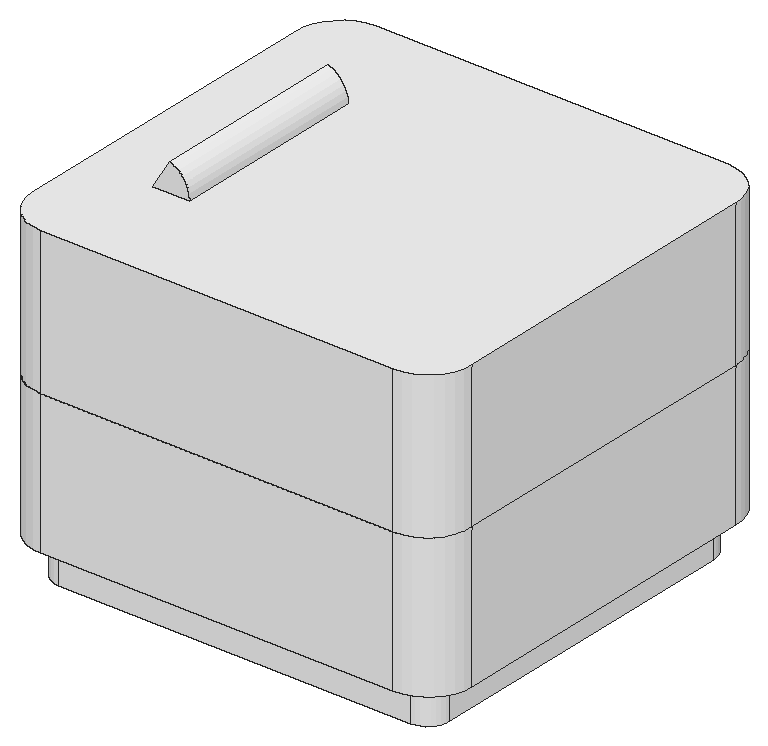
Revit family "Gira_048530", category Electrical Fixtures, host Face, Revit 2017
Family settings
  Host = Face
  Maintain Annotation Orientation = Yes
  Round Connector Dimension = Use Diameter
  Part Type = Normal
  Cut with Voids When Loaded = No
  Shared = No
  Room Calculation Point = No
Parameters (values of type "Steckd. Erdstift KD + SH WG AP Grau")
  Überspannungsschutz = "No"
  Werkstoffgüte = "sonstige"
  Werkstoff = "sonstige"
  Verdrehter Zentraleinsatz = "No"
  URL = "http://katalog.gira.de/de_DE/datenblatt.html?artikelnr=048530"
  Transparent = "No"
  Textfeld/Beschriftungsfläche = "No"
  Sonderstromversorgung = "ohne Sonderstromversorgung"
  Schutzleiterkontakt rund = "Yes"
  Schutzkontakt = "No"
  Region = "DE"
  Oberfläche = "sonstige"
  Nennstrom = "16 Ampere"
  Nennspannung = "250 Volt"
  Name = "Steckd. Erdstift KD + SH WG AP Grau"
  Montageart = "auf Putz"
  Mit erhöhtem Berührungsschutz = "Yes"
  Mit eingebauter USB-Spannungsversorgung = "No"
  Mit Signallampe = "No"
  Mit Orientierungsbeleuchtung = "No"
  Mit Klappdeckel = "Yes"
  Mit Funktionsbeleuchtung = "No"
  Mit Feinsicherung = "No"
  Mit Ein-/Ausschalter = "No"
  Mit Durchschleiffunktion = "No"
  Manufacturer URL = "https://www.gira.de/"
  Keynote = "IP44_Komplettgerät_Steckdose"
  Isolierter Einbau = "No"
  HeinzeBIM = "https://bimportal.heinze.de/bim/steckd-erdstift-kd-sh-wg-ap-grau/458de96fe7b0292eb51f7aa82a1766005b15b62c"
  Halogenfrei = "No"
  HAN = "048530"
  Geeignet für Schutzart (IP) = "IP44"
  GTIN = "4010337485308"
  Für "erschwerte Bedingungen" (nach VDE) = "No"
  Fehlerstromschutz = "No"
  Farbe = "grau"
  Default Elevation = 1219.2 mm
  Data sheet (1) = "https://katalog.gira.de/de_DE/download.html?artikelnr=048530"
  Category = "Steckdose"
  Befestigungsart = "Krallen-/Schraubbefestigung"
  Available = "Yes"
  Auswurfmechanismus = "No"
  Ausführung = "sonstige"
  Aufdruck/Kennzeichnung = "ohne Aufdruck"
  Anzahl der aktiven Kontakte (rund) = "1 "
  Anzahl der Steckdosen schaltbar = "0 "
  Anzahl der Module (bei Modulbauweise) = "1 "
  Anzahl der Einheiten = "1 "
  Antibakterielle Behandlung = "No"
  Anschlussart = "Schraubklemme"
  Abschließbar = "No"
Reference planes
  plane 1 "Center (Front/Back)": y = 0
  plane 2: z = 0
  plane 3 "Center (Left/Right)": x = 0
Forms (mm)
  Extrusion 1, solid, material "White", detail levels fine
    sketch origin (41, 0, 0) x (1, 0, 0) y (0, 1, 0)
      loop
        line (-9, 38) -> (-73, 38)
        arc (-73, 38) -> (-78.657, 35.657) -> (-81, 30) r 8
        line (-81, 30) -> (-81, -30)
        arc (-81, -30) -> (-78.657, -35.657) -> (-73, -38) r 8
        line (-73, -38) -> (-9, -38)
        arc (-9, -38) -> (-3.343, -35.657) -> (-1, -30) r 8
        line (-1, -30) -> (-1, 30)
        arc (-1, 30) -> (-3.343, 35.657) -> (-9, 38) r 8
    from 0 to 26
  Extrusion 2, solid, material "White", detail levels fine
    sketch origin (41, 0, 0) x (1, 0, 0) y (0, 1, 0)
      loop
        line (-9, 38) -> (-73, 38)
        arc (-73, 38) -> (-78.657, 35.657) -> (-81, 30) r 8
        line (-81, 30) -> (-81, -30)
        arc (-81, -30) -> (-78.657, -35.657) -> (-73, -38) r 8
        line (-73, -38) -> (-9, -38)
        arc (-9, -38) -> (-3.343, -35.657) -> (-1, -30) r 8
        line (-1, -30) -> (-1, 30)
        arc (-1, 30) -> (-3.343, 35.657) -> (-9, 38) r 8
    from 26 to 52.5
  Extrusion 3, solid, material "White", detail levels fine
    sketch origin (41, 0, 0) x (1, 0, 0) y (0, 0, 1)
      loop
        line (-68.7, 52.5) -> (-62.067, 52.5)
        arc (-62.067, 52.5) -> (-63.019, 55.628) -> (-65.7, 57.5) r 5
        line (-65.7, 57.5) -> (-68.7, 52.5)
    from 18 to -18
  Extrusion 4, solid, material "White", detail levels medium
    sketch origin (41, -5.734, 0) x (1, 0, 0) y (0, 1, 0)
      loop
        line (-9, 43.734) -> (-73, 43.734)
        arc (-73, 43.734) -> (-78.657, 41.391) -> (-81, 35.734) r 8
        line (-81, 35.734) -> (-81, -24.266)
        arc (-81, -24.266) -> (-78.657, -29.923) -> (-73, -32.266) r 8
        line (-73, -32.266) -> (-9, -32.266)
        arc (-9, -32.266) -> (-3.343, -29.923) -> (-1, -24.266) r 8
        line (-1, -24.266) -> (-1, 35.734)
        arc (-1, 35.734) -> (-3.343, 41.391) -> (-9, 43.734) r 8
    from 0 to 52.5
  Extrusion 5, solid, material "White", detail levels medium
    sketch origin (41, 0, 0) x (1, 0, 0) y (0, 0, 1)
      loop
        line (-68.7, 57.5) -> (-68.7, 52.5) -> (-62.067, 52.5) -> (-62.067, 57.5) -> (-68.7, 57.5)
    from -18 to 18
  Extrusion 6, solid, material "White", detail levels coarse
    sketch origin (41, 0, 0) x (1, 0, 0) y (0, 1, 0)
      loop
        line (-1, 38) -> (-81, 38) -> (-81, -38) -> (-1, -38) -> (-1, 38)
    from -7 to 57.5
  Extrusion 7, solid, material "White", detail levels medium+fine
    sketch origin (41, 0, 0) x (1, 0, 0) y (0, 1, 0)
      loop
        line (-9, 34) -> (-73, 34)
        arc (-73, 34) -> (-75.828, 32.828) -> (-77, 30) r 4
        line (-77, 30) -> (-77, -30)
        arc (-77, -30) -> (-75.828, -32.828) -> (-73, -34) r 4
        line (-73, -34) -> (-9, -34)
        arc (-9, -34) -> (-6.172, -32.828) -> (-5, -30) r 4
        line (-5, -30) -> (-5, 30)
        arc (-5, 30) -> (-6.172, 32.828) -> (-9, 34) r 4
    from 0 to -7
Dimensions and locks
  Extrusion 6 to plane 3 "Center (Left/Right)" to Extrusion 6 = 40 mm, 40 mm
  aligned and locked: plane 2 to host face
  aligned and locked: level to host face
  aligned and locked: plane 3 "Center (Left/Right)" to nested 1
  aligned and locked: plane 1 "Center (Front/Back)" to nested 1
Nested families
  nested 1: "Steckdose 1-fach Beschriftung" at (0, 0, 0), type "Steckdose 1-fach Beschriftung"
Connectors
  electrical at (0, 0, -7)
    settings: on Extrusion 7, index 1, voltage 220 V, apparent load 0 VA, apparent load phase1 0 VA, apparent load phase2 0 VA, apparent load phase3 0 VA, power factor 1, load classification "Other", number of poles 1, system type 31, power factor state 1, is connector primary yes, connector utility no, sub classification motor no, connector description ""
Definition of nested family "Steckdose 1-fach Beschriftung"
  Reference planes
    plane 1: y = 0
    plane 2: x = 0
  Lines and regions (mm)
    detail lines
      curve 1: line (0, 0, 0) -> (0, 2, 0)
      curve 3: line (0, 2, 0) -> (-1, 2, 0)
      curve 4: arc (1, 3, 0) -> (0, 2, 0) -> (-1, 3, 0) r 1
      curve 5: line (0, 2, 0) -> (1, 2, 0)
    reference lines
      curve 2: line (-0.485, 3, 0) -> (2.315, 3, 0)
  Dimensions and locks
    curve 1 to curve 1 = 2 mm
    plane 1 to curve 2 = 3 mm
    curve 3 to curve 3 = 1 mm
